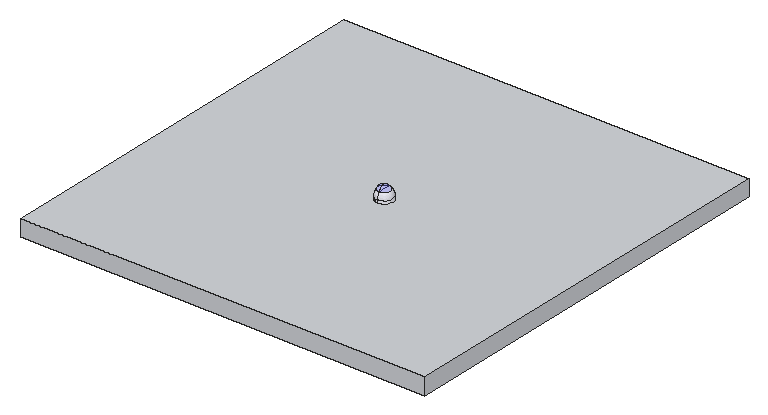
Revit family "BEG-92580", category Dispositifs d'éclairage, Revit 2015
Parameters
  Detection zone [instance] = yes
  Seat area [instance] = height position < 351 cm  # yes
  URL = "http://www.luxomat.com/en-92580"
  Type of output = "SWITCH"
  Ambiant temperature = "-25°C to +50°C"
  Ref = "92580"
  Relay = "10A"
  height position [instance] = 250 cm
  direct Range [instance] = height position * 3.2  # 800 cm
  transversal Range [instance] = height position * 9.6  # 2400 cm
  Modèle = "PD4-M-1C-SM"
  Installation type = "Ceiling"
  Brand = "LUXOMAT"
  Image du type = 92580.jpg
  IP = "20"
  Mounting height max = Installation height max  # 350 cm
  Installation height max = 350 cm
  Fabricant = "B.E.G"
  Label [instance] = yes
  Default Elevation = 0 cm
  Consumption = "0,76W"
  Commentaires du type = "Occupancy detector PD4-M-1C-SM"
  Code d'assemblage = "D5010200"
  Class = "2"
  Switching power LED = "300W"
  Switching power Cos ɸ =1 = "2300W"
  Switching power Cos ɸ =0,5 = "1150VA"
  Power voltage = "110-240 V AC"
  seated activity [instance] = height position * 2.56  # 640 cm
Reference planes (cm)
  plane 1 "Centre (avant/arrière)": y = 0
  plane 2: z = 0
  plane 3 "Centre (gauche/droite)": x = 0
Forms (cm)
  Extrusion 1, solid
    sketch origin (0, 0, 0) x (1, 0, 0) y (0, 1, 0)
      loop
        line (-121.92, 121.92) -> (-121.92, -121.92) -> (121.92, -121.92) -> (121.92, 121.92) -> (-121.92, 121.92)
    from 0 to -10
Dimensions and locks (cm)
  aligned and locked: plane 2 to Extrusion 1
  aligned and locked: level to Extrusion 1
  aligned and locked: nested 2 to plane 2
Nested families (cm)
  nested 1: "Famille1" at (0, -72.6659, 0) x (-1, 0, 0) z (0, 0, 1), reference <- "Ref", modele <- "Modèle", visible <- "Label", type "Famille1"
    with reference "92580", modele "PD4-M-1C-SM"
  nested 2: "M14" at (0, 0, 0), type "Standard"
  nested 3: "zone H" at (0, 0, 0) x (-1, 0, 0) z (0, 0, 1), visible <- "Detection zone", biais <- "transversal Range", frontal <- "direct Range", activité assise <- "seated activity", Zone assise <- "Seat area", type "zone H"
    with position 2 320 cm, position 1 960 cm, frontal 800 cm, biais 2400 cm, activité assise 640 cm, Zone assise yes
  nested 4: "Plafond 360° 2D" at (0, 0, 0), type "Plafond 360° 2D"
Connectors (cm)
  electrical at (0, 0, 0)
    settings: on nested 2, index 1, voltage 240 V, apparent load 0 VA, apparent load phase1 0 VA, apparent load phase2 0 VA, apparent load phase3 0 VA, power factor 1, load classification "Eclairage", number of poles 1, system type 31, power factor state 1, is connector primary yes, connector utility no, sub classification motor no, connector description ""
Definition of nested family "M14"
  Reference planes (cm)
    plane 1 "Centre (avant/arrière)": y = 0
    plane 2: z = 0
    plane 3 "Centre (gauche/droite)": x = 0
    plane 4: x = 0
  Forms (cm)
    Revolve 1, solid
      sketch origin (0, 0, 0) x (0, -1, 0) y (0, 0, 1)
        loop
          line (0, 0) -> (0, 5) -> (-3.8, 5)
          arc (-3.8, 5) -> (-4.577, 3.2225) -> (-4.8363, 1.3) r 7
          line (-4.8363, 1.3) -> (-4.9363, 1.3) -> (-5.05, 0) -> (0, 0)
        axis (0, 0) -> (0, 5)
      angle from 0 to 360
    Revolve 2, solid
      sketch origin (0, 0, 0) x (0, -1, 0) y (0, 0, 1)
        loop
          arc (0, 7.6) -> (-2.2816, 6.8864) -> (-3.75, 5) r 4.0043
          line (-3.75, 5) -> (0, 5) -> (0, 7.6)
        axis (0, 5) -> (0, 7.6)
      angle from 0 to 360
  Lines and regions (cm)
    reference lines
      curve 1: line (0, 0, 0) -> (0, 0, 7.6)
      curve 2: line (0, 0, 5) -> (0, 3.8, 5)
      curve 3: arc (0, 3.8, 5) -> (0, 4.577, 3.2225) -> (0, 4.8363, 1.3) r 7
      curve 4: line (0, 4.9363, 1.3) -> (0, 4.8363, 1.3)
      curve 5: line (0, 5.05, 0) -> (0, 4.9363, 1.3)
      curve 6: line (0, 0, 0) -> (0, 5.05, 0)
      curve 7: arc (0, 0, 7.6) -> (0, 2.2816, 6.8864) -> (0, 3.75, 5) r 4.0043
      curve 8: line (0, 3.75, 5) -> (0, 0, 5)
      curve 9: line (0, 0, 7.6) -> (0, 0, 5)
      curve 10: line (0, 0, 0) -> (0, 0, 7.6)
  Dimensions and locks (cm)
    aligned and locked: level to plane 2
    aligned and locked: Revolve 1 sketch curve to curve 1  (x2)
    aligned and locked: Revolve 1 sketch curve to curve 2
    aligned and locked: Revolve 1 sketch curve to curve 3
    aligned and locked: Revolve 1 sketch curve to curve 4
    aligned and locked: Revolve 1 sketch curve to curve 5
    aligned and locked: Revolve 1 sketch curve to curve 6
    aligned and locked: Revolve 2 sketch curve to curve 7
    aligned and locked: Revolve 2 sketch curve to curve 8
    aligned and locked: Revolve 2 sketch curve to curve 9
    aligned and locked: Revolve 2 sketch curve to curve 10
Definition of nested family "Famille1"
  Parameters (values of type "Famille1")
    reference [instance] = ""
    modele [instance] = ""
  Reference planes (cm)
    plane 1: y = 0
    plane 2: x = 0
  Text (cm)
    label "reference\n\nmodele" at (0.0074, 0.0451, 0), shows "reference", "modele"
Definition of nested family "zone H"
  Parameters (values of type "zone H")
    position 2 [instance] = (frontal / 2) * 0.8  # 320 cm
    position 1 [instance] = (biais / 2) * 0.8  # 960 cm
    frontal [instance] = 800 cm
    biais [instance] = 2400 cm
    activité assise [instance] = 640 cm
    Zone assise [instance] = yes
  Reference planes (cm)
    plane 1 "Centre (avant/arrière)": y = 0
    plane 2: z = 0
    plane 3 "Centre (gauche/droite)": x = 0
    plane 4: x = -960
    plane 5: y = -320
  Lines and regions (cm)
    detail lines, in view "Niveau de réf.", visible <- "Zone assise"
      curve 1: circle (0, 0, 0) r 320 normal (0, 0, 1)
      curve 4: spline (-105.2767, 3.2118, 0) -> (-104.9106, 3.0586, 0) -> (-103.8375, 2.9158, 0) -> (-102.1303, 2.7932, 0) -> (-99.9055, 2.6991, 0) -> (-97.3146, 2.6399, 0) -> (-94.5343, 2.6198, 0) -> (-91.7539, 2.6399, 0) -> (-89.163, 2.6991, 0) -> (-86.9382, 2.7932, 0) -> (-85.231, 2.9158, 0) -> (-84.1579, 3.0586, 0) -> (-83.7918, 3.2118, 0) -> (-84.1579, 3.365, 0) -> (-85.231, 3.5078, 0) -> (-86.9382, 3.6305, 0) -> (-89.163, 3.7245, 0) -> (-91.7539, 3.7837, 0) -> (-94.5343, 3.8039, 0) -> (-97.3146, 3.7837, 0) -> (-99.9055, 3.7245, 0) -> (-102.1303, 3.6305, 0) -> (-103.8375, 3.5078, 0) -> (-104.9106, 3.365, 0) -> (-105.2767, 3.2118, 0)
      curve 5: line (-105.2767, 3.2118, 0) -> (-103.7271, 3.5181, 0)
      curve 6: arc (-102.6495, -16.5888, 0) -> (-107.2915, -17.186, 0) -> (-111.6311, -18.9388, 0) r 18.3388
      curve 7: arc (-111.6311, -18.9388, 0) -> (-111.6982, -19.0046, 0) -> (-111.7229, -19.0953, 0) r 0.1799
      curve 8: arc (-102.4571, -17.1805, 0) -> (-106.7473, -17.5804, 0) -> (-110.8538, -18.8852, 0) r 20.1051
      curve 9: arc (-110.8538, -18.8852, 0) -> (-111.0396, -18.979, 0) -> (-111.2122, -19.0953, 0) r 1.6679
      curve 10: circle (-111.4676, -19.8292, 0) r 0.5096 normal (0, 0, 1)
      curve 11: arc (-110.898, -19.8292, 0) -> (-111.4676, -19.2597, 0) -> (-112.0372, -19.8292, 0) r 0.5696
      curve 12: arc (-110.838, -19.8292, 0) -> (-111.4676, -19.1997, 0) -> (-112.0972, -19.8292, 0) r 0.6296
      curve 13: arc (-86.4191, -16.5888, 0) -> (-81.7771, -17.186, 0) -> (-77.4374, -18.9388, 0) r 18.3388
      curve 14: arc (-77.4374, -18.9388, 0) -> (-77.3704, -19.0046, 0) -> (-77.3456, -19.0953, 0) r 0.1799
      curve 15: arc (-86.6114, -17.1805, 0) -> (-82.3212, -17.5804, 0) -> (-78.2147, -18.8852, 0) r 20.1051
      curve 16: arc (-78.2147, -18.8852, 0) -> (-78.0289, -18.979, 0) -> (-77.8563, -19.0953, 0) r 1.6679
      curve 17: circle (-77.6009, -19.8292, 0) r 0.5096 normal (0, 0, 1)
      curve 18: arc (-77.0314, -19.8292, 0) -> (-77.6009, -19.2597, 0) -> (-78.1705, -19.8292, 0) r 0.5696
      curve 19: arc (-76.9714, -19.8292, 0) -> (-77.6009, -19.1997, 0) -> (-78.2305, -19.8292, 0) r 0.6296
      curve 20: arc (-95.2593, -16.5888, 0) -> (-98.9871, -17.441, 0) -> (-102.5056, -18.9388, 0) r 21.5424
      curve 21: arc (-102.5056, -18.9388, 0) -> (-102.5726, -19.0046, 0) -> (-102.5974, -19.0953, 0) r 0.1799
      curve 22: arc (-95.2593, -17.1805, 0) -> (-98.5536, -17.8061, 0) -> (-101.7283, -18.8852, 0) r 23.9713
      curve 23: arc (-101.7283, -18.8852, 0) -> (-101.911, -18.9772, 0) -> (-102.081, -19.0909, 0) r 1.6679
      curve 24: arc (-95.0229, -17.1805, 0) -> (-98.2689, -17.8294, 0) -> (-101.4063, -18.8852, 0) r 26.0219
      curve 25: arc (-101.4063, -18.8852, 0) -> (-101.592, -18.979, 0) -> (-101.7647, -19.0953, 0) r 1.6679
      curve 26: circle (-102.181, -19.8292, 0) r 0.5096 normal (0, 0, 1)
      curve 27: arc (-101.6114, -19.8292, 0) -> (-102.181, -19.2597, 0) -> (-102.7506, -19.8292, 0) r 0.5696
      curve 28: arc (-101.5514, -19.8292, 0) -> (-102.181, -19.1997, 0) -> (-102.8106, -19.8292, 0) r 0.6296
      curve 29: arc (-93.8092, -16.5888, 0) -> (-90.0814, -17.441, 0) -> (-86.5629, -18.9388, 0) r 21.5424
      curve 30: arc (-86.5629, -18.9388, 0) -> (-86.4959, -19.0046, 0) -> (-86.4711, -19.0953, 0) r 0.1799
      curve 31: arc (-93.8092, -17.1805, 0) -> (-90.5149, -17.8061, 0) -> (-87.3402, -18.8852, 0) r 23.9713
      curve 32: arc (-87.3402, -18.8852, 0) -> (-87.1544, -18.979, 0) -> (-86.9818, -19.0953, 0) r 1.6679
      curve 33: arc (-94.0457, -17.1805, 0) -> (-90.7996, -17.8294, 0) -> (-87.6622, -18.8852, 0) r 26.0219
      curve 34: arc (-87.6622, -18.8852, 0) -> (-87.4765, -18.979, 0) -> (-87.3039, -19.0953, 0) r 1.6679
      curve 35: circle (-86.8875, -19.8292, 0) r 0.5096 normal (0, 0, 1)
      curve 36: arc (-86.3179, -19.8292, 0) -> (-86.8875, -19.2597, 0) -> (-87.4571, -19.8292, 0) r 0.5696
      curve 37: arc (-86.2579, -19.8292, 0) -> (-86.8875, -19.1997, 0) -> (-87.5171, -19.8292, 0) r 0.6296
      curve 38: arc (-103.0079, 8.8705, 0) -> (-101.8776, 5.8173, 0) -> (-98.8653, 4.5819, 0) r 4.0512
      curve 39: arc (-83.7186, 4.2269, 0) -> (-82.9538, 3.7817, 0) -> (-82.7946, 2.9112, 0) r 1.0582
      curve 40: arc (-82.7946, 2.9112, 0) -> (-84.0889, -6.227, 0) -> (-84.0703, -15.4564, 0) r 64.7189
      curve 41: arc (-84.0703, -15.4564, 0) -> (-83.933, -16.0031, 0) -> (-83.4527, -16.2981, 0) r 0.7467
      curve 42: arc (-83.4527, -16.2981, 0) -> (-80.3714, -16.8717, 0) -> (-77.238, -16.9405, 0) r 19.3577
      curve 43: arc (-77.238, -16.9405, 0) -> (-77.6363, -16.4391, 0) -> (-78.2461, -16.244, 0) r 1.1013
      curve 44: arc (-78.2461, -16.244, 0) -> (-80.4274, -15.8096, 0) -> (-82.5587, -15.1742, 0) r 23.8747
      curve 45: arc (-82.5587, -15.1742, 0) -> (-81.6045, -6.5488, 0) -> (-80.848, 2.0961, 0) r 379.1961
      curve 46: arc (-80.848, 2.0961, 0) -> (-81.0708, 4.8418, 0) -> (-83.0581, 6.7494, 0) r 3.8846
      curve 47: arc (-83.0581, 6.7494, 0) -> (-89.2141, 8.8147, 0) -> (-95.6542, 9.6431, 0) r 33.2193
      curve 48: arc (-95.6542, 9.6431, 0) -> (-94.8516, 17.305, 0) -> (-94.8609, 25.0089, 0) r 72.9952
      curve 49: arc (-95.1116, 28.28, 0) -> (-95.2196, 29.2958, 0) -> (-95.3418, 30.31, 0) r 72.9952
      curve 50: arc (-98.1747, 30.0752, 0) -> (-100.3426, 29.2913, 0) -> (-99.4886, 27.1501, 0) r 1.6042
      curve 51: arc (-95.3418, 30.31, 0) -> (-98.7298, 32.2574, 0) -> (-102.1179, 30.31, 0) r 3.9209
      curve 52: arc (-68.8418, 20.3177, 0) -> (-68.8537, 20.2265, 0) -> (-68.9411, 20.2549, 0) r 0.0597
      curve 53: arc (-70.9776, 20.5408, 0) -> (-70.9496, 20.3832, 0) -> (-71.1082, 20.3621, 0) r 0.1108
      curve 54: spline (-98.8908, 41.6409, 0) -> (-97.9793, 41.5103, 0) -> (-97.1229, 41.0855, 0) -> (-96.38, 40.3954, 0) -> (-95.8012, 39.4871, 0) -> (-95.426, 38.4224, 0) -> (-95.2799, 37.274, 0) -> (-95.3728, 36.12, 0) -> (-95.6985, 35.0392, 0) -> (-96.2348, 34.1051, 0) -> (-96.945, 33.3815, 0) -> (-97.7809, 32.9176, 0) -> (-98.6854, 32.7451, 0) -> (-99.5969, 32.8757, 0) -> (-100.4532, 33.3005, 0) -> (-101.1961, 33.9906, 0) -> (-101.7749, 34.8989, 0) -> (-102.1502, 35.9636, 0) -> (-102.2963, 37.112, 0) -> (-102.2033, 38.266, 0) -> (-101.8776, 39.3468, 0) -> (-101.3414, 40.2809, 0) -> (-100.6311, 41.0045, 0) -> (-99.7953, 41.4684, 0) -> (-98.8908, 41.6409, 0)
      curve 55: line (-74.1608, -20.3388, 0) -> (-33.3759, -20.3388, 0)
      curve 56: line (-33.3759, -20.3388, 0) -> (-33.3759, 18.6681, 0)
      curve 57: line (-33.3759, 18.6681, 0) -> (-74.1608, 18.6681, 0)
      curve 58: line (-74.1608, 18.6681, 0) -> (-74.1608, -20.3388, 0)
      curve 59: line (-74.1608, -20.3388, 0) -> (-120.7181, -20.3388, 0)
      curve 60: line (-80.1025, 18.6681, 0) -> (-27.4342, 18.6681, 0)
      curve 61: line (-27.4342, 18.6681, 0) -> (-27.4342, 20.1345, 0)
      curve 62: line (-27.4342, 20.1345, 0) -> (-80.1025, 20.1345, 0)
      curve 63: line (-80.1025, 20.1345, 0) -> (-80.1025, 18.6681, 0)
      curve 64: line (-95.5223, 2.6198, 0) -> (-93.5462, 2.6198, 0)
      curve 65: line (-93.5462, 2.6198, 0) -> (-93.5462, -16.5888, 0)
      curve 66: line (-93.5462, -16.5888, 0) -> (-95.5223, -16.5888, 0)
      curve 67: line (-95.5223, -16.5888, 0) -> (-95.5223, 2.6198, 0)
      curve 68: line (-95.5223, -16.5888, 0) -> (-102.6495, -16.5888, 0)
      curve 69: line (-111.7229, -19.0953, 0) -> (-111.2122, -19.0953, 0)
      curve 70: line (-93.8092, -16.5888, 0) -> (-94.0457, -17.1805, 0)
      curve 71: line (-94.0457, -17.1805, 0) -> (-93.8092, -17.1805, 0)
      curve 72: line (-93.8092, -17.1805, 0) -> (-94.5343, -17.1805, 0)
      curve 73: line (-94.5343, -17.1805, 0) -> (-95.2593, -17.1805, 0)
      curve 74: line (-95.2593, -17.1805, 0) -> (-95.0229, -17.1805, 0)
      curve 75: line (-95.0229, -17.1805, 0) -> (-95.2593, -16.5888, 0)
      curve 76: line (-98.1226, -17.1805, 0) -> (-102.4571, -17.1805, 0)
      curve 77: line (-112.0372, -19.8292, 0) -> (-112.0972, -19.8292, 0)
      curve 78: line (-110.898, -19.8292, 0) -> (-110.838, -19.8292, 0)
      curve 79: line (-111.3676, -19.2076, 0) -> (-111.3676, -19.0953, 0)
      curve 80: line (-111.5676, -19.2076, 0) -> (-111.5676, -19.0953, 0)
      curve 81: line (-93.5462, -16.5888, 0) -> (-86.4191, -16.5888, 0)
      curve 82: line (-77.3456, -19.0953, 0) -> (-77.8563, -19.0953, 0)
      curve 83: line (-90.9459, -17.1805, 0) -> (-86.6114, -17.1805, 0)
      curve 84: line (-77.0314, -19.8292, 0) -> (-76.9714, -19.8292, 0)
      curve 85: line (-78.1705, -19.8292, 0) -> (-78.2305, -19.8292, 0)
      curve 86: line (-77.7009, -19.2076, 0) -> (-77.7009, -19.0953, 0)
      curve 87: line (-77.5009, -19.2076, 0) -> (-77.5009, -19.0953, 0)
      curve 88: line (-102.5974, -19.0953, 0) -> (-101.7647, -19.0953, 0)
      curve 89: line (-102.7506, -19.8292, 0) -> (-102.8106, -19.8292, 0)
      curve 90: line (-101.6114, -19.8292, 0) -> (-101.5514, -19.8292, 0)
      curve 91: line (-102.081, -19.2076, 0) -> (-102.081, -19.0909, 0)
      curve 92: line (-102.281, -19.2076, 0) -> (-102.281, -19.0953, 0)
      curve 93: line (-86.4711, -19.0953, 0) -> (-87.3039, -19.0953, 0)
      curve 94: line (-86.3179, -19.8292, 0) -> (-86.2579, -19.8292, 0)
      curve 95: line (-87.4571, -19.8292, 0) -> (-87.5171, -19.8292, 0)
      curve 96: line (-86.9875, -19.2076, 0) -> (-86.9875, -19.0953, 0)
      curve 97: line (-86.7875, -19.2076, 0) -> (-86.7875, -19.0953, 0)
      curve 98: line (-98.8653, 4.5819, 0) -> (-83.7186, 4.2269, 0)
      curve 99: line (-103.0079, 8.8705, 0) -> (-102.1179, 30.31, 0)
      curve 100: line (-98.1747, 30.0752, 0) -> (-85.3255, 22.5448, 0)
      curve 101: line (-85.3255, 22.5448, 0) -> (-74.2929, 21.667, 0)
      curve 102: line (-74.2929, 21.667, 0) -> (-71.6033, 21.7219, 0)
      curve 103: line (-71.6033, 21.7219, 0) -> (-69.7371, 21.2829, 0)
      curve 104: line (-69.7371, 21.2829, 0) -> (-68.8418, 20.3177, 0)
      curve 105: line (-68.9411, 20.2549, 0) -> (-69.7808, 21.0896, 0)
      curve 106: line (-69.7808, 21.0896, 0) -> (-71.6115, 21.2989, 0)
      curve 107: line (-71.6115, 21.2989, 0) -> (-72.0159, 21.0248, 0)
      curve 108: line (-72.0159, 21.0248, 0) -> (-70.9776, 20.5408, 0)
      curve 109: line (-71.1082, 20.3621, 0) -> (-72.6656, 20.8949, 0)
      curve 110: line (-72.6656, 20.8949, 0) -> (-74.496, 20.6558, 0)
      curve 111: line (-74.496, 20.6558, 0) -> (-86.0144, 20.9158, 0)
      curve 112: line (-86.0144, 20.9158, 0) -> (-99.4886, 27.1501, 0)
      curve 113: line (-99.8644, 32.9741, 0) -> (-99.9944, 32.0479, 0)
      curve 114: line (-97.5142, 33.0301, 0) -> (-97.3718, 32.0147, 0)
      curve 115: line (-33.3759, -20.3388, 0) -> (-21.8014, -20.3388, 0)
    detail lines, in view "Niveau de réf."
      curve 2: circle (0, 0, 0) r 400 normal (0, 0, 1)
      curve 3: circle (0, 0, 0) r 1200 normal (0, 0, 1)
      curve 116: spline (2.3068, -347.7265, 0) -> (4.0856, -347.3949, 0) -> (5.7432, -346.4226, 0) -> (7.1667, -344.876, 0) -> (8.2589, -342.8603, 0) -> (8.9455, -340.5131, 0) -> (9.1797, -337.9942, 0) -> (8.9455, -335.4753, 0) -> (8.2589, -333.1281, 0) -> (7.1667, -331.1125, 0) -> (5.7432, -329.5658, 0) -> (4.0856, -328.5936, 0) -> (2.3068, -328.262, 0) -> (0.5279, -328.5936, 0) -> (-1.1297, -329.5658, 0) -> (-2.5531, -331.1125, 0) -> (-3.6453, -333.1281, 0) -> (-4.3319, -335.4753, 0) -> (-4.5661, -337.9942, 0) -> (-4.3319, -340.5131, 0) -> (-3.6453, -342.8603, 0) -> (-2.5531, -344.876, 0) -> (-1.1297, -346.4226, 0) -> (0.5279, -347.3949, 0) -> (2.3068, -347.7265, 0)
      curve 117: line (-4.7649, -335.0929, 0) -> (0.5136, -347.9212, 0)
      curve 118: line (3.5648, -348.0775, 0) -> (9.2455, -334.5266, 0)
      curve 119: line (-0.3759, -328.4588, 0) -> (-3.0011, -330.8806, 0)
      curve 120: line (3.5053, -348.5045, 0) -> (6.62, -348.3756, 0)
      curve 121: line (1.7304, -348.3525, 0) -> (3.5053, -348.5045, 0)
      curve 122: line (-4.7649, -335.0929, 0) -> (0.5136, -347.9212, 0)
      curve 123: line (-21.1936, -335.3894, 0) -> (-24.4202, -337.3623, 0)
      curve 124: line (-21.1936, -335.3894, 0) -> (-24.4202, -337.3623, 0)
      curve 125: line (-0.3759, -328.4588, 0) -> (-3.0011, -330.8806, 0)
      curve 126: line (1.7304, -348.3525, 0) -> (6.62, -348.3756, 0)
      curve 127: line (3.5648, -348.0775, 0) -> (9.2455, -334.5266, 0)
      curve 128: line (0, -320, 0) -> (0, -289.0788, 0)
      curve 129: line (0, -289.0788, 0) -> (0, -280.7814, 0)
      curve 130: spline (-957.6932, -27.7265, 0) -> (-955.9144, -27.3949, 0) -> (-954.2568, -26.4226, 0) -> (-952.8333, -24.876, 0) -> (-951.7411, -22.8603, 0) -> (-951.0545, -20.5131, 0) -> (-950.8203, -17.9942, 0) -> (-951.0545, -15.4753, 0) -> (-951.7411, -13.1281, 0) -> (-952.8333, -11.1125, 0) -> (-954.2568, -9.5658, 0) -> (-955.9144, -8.5936, 0) -> (-957.6932, -8.262, 0) -> (-959.4721, -8.5936, 0) -> (-961.1297, -9.5658, 0) -> (-962.5531, -11.1125, 0) -> (-963.6453, -13.1281, 0) -> (-964.3319, -15.4753, 0) -> (-964.5661, -17.9942, 0) -> (-964.3319, -20.5131, 0) -> (-963.6453, -22.8603, 0) -> (-962.5531, -24.876, 0) -> (-961.1297, -26.4226, 0) -> (-959.4721, -27.3949, 0) -> (-957.6932, -27.7265, 0)
      curve 131: line (-964.7649, -15.0929, 0) -> (-959.4864, -27.9212, 0)
      curve 132: line (-956.4352, -28.0775, 0) -> (-950.7545, -14.5266, 0)
      curve 133: line (-960.3759, -8.4588, 0) -> (-963.0011, -10.8806, 0)
      curve 134: line (-956.4947, -28.5045, 0) -> (-953.38, -28.3756, 0)
      curve 135: line (-958.2696, -28.3525, 0) -> (-956.4947, -28.5045, 0)
      curve 136: line (-964.7649, -15.0929, 0) -> (-959.4864, -27.9212, 0)
      curve 137: line (-981.1936, -15.3894, 0) -> (-984.4202, -17.3623, 0)
      curve 138: line (-981.1936, -15.3894, 0) -> (-984.4202, -17.3623, 0)
      curve 139: line (-960.3759, -8.4588, 0) -> (-963.0011, -10.8806, 0)
      curve 140: line (-958.2696, -28.3525, 0) -> (-953.38, -28.3756, 0)
      curve 141: line (-956.4352, -28.0775, 0) -> (-950.7545, -14.5266, 0)
      curve 142: line (-960, 0, 0) -> (-960, 30.9212, 0)
      curve 143: line (-960, 30.9212, 0) -> (-960, 39.2186, 0)
    detail lines, in view "Niveau de réf.", visible <- "Zone assise", not visible
      curve 144: spline (925.976, -22.5654, 0) -> (926.342, -22.7186, 0) -> (927.4152, -22.8614, 0) -> (929.1224, -22.984, 0) -> (931.3472, -23.0781, 0) -> (933.938, -23.1373, 0) -> (936.7184, -23.1574, 0) -> (939.4987, -23.1373, 0) -> (942.0896, -23.0781, 0) -> (944.3144, -22.984, 0) -> (946.0216, -22.8614, 0) -> (947.0948, -22.7186, 0) -> (947.4608, -22.5654, 0) -> (947.0948, -22.4122, 0) -> (946.0216, -22.2694, 0) -> (944.3144, -22.1467, 0) -> (942.0896, -22.0527, 0) -> (939.4987, -21.9935, 0) -> (936.7184, -21.9733, 0) -> (933.938, -21.9935, 0) -> (931.3472, -22.0527, 0) -> (929.1224, -22.1467, 0) -> (927.4152, -22.2694, 0) -> (926.342, -22.4122, 0) -> (925.976, -22.5654, 0)
      curve 145: line (925.976, -22.5654, 0) -> (927.5256, -22.2591, 0)
      curve 146: arc (928.6032, -42.366, 0) -> (923.9612, -42.9632, 0) -> (919.6215, -44.716, 0) r 18.3388
      curve 147: arc (919.6215, -44.716, 0) -> (919.5545, -44.7818, 0) -> (919.5297, -44.8725, 0) r 0.1799
      curve 148: arc (928.7956, -42.9577, 0) -> (924.5053, -43.3576, 0) -> (920.3988, -44.6624, 0) r 20.1051
      curve 149: arc (920.3988, -44.6624, 0) -> (920.213, -44.7562, 0) -> (920.0404, -44.8725, 0) r 1.6679
      curve 150: circle (919.7851, -45.6065, 0) r 0.5096 normal (0, 0, 1)
      curve 151: arc (920.3547, -45.6065, 0) -> (919.7851, -45.0369, 0) -> (919.2155, -45.6065, 0) r 0.5696
      curve 152: arc (920.4147, -45.6065, 0) -> (919.7851, -44.9769, 0) -> (919.1555, -45.6065, 0) r 0.6296
      curve 153: arc (944.8336, -42.366, 0) -> (949.4756, -42.9632, 0) -> (953.8152, -44.716, 0) r 18.3388
      curve 154: arc (953.8152, -44.716, 0) -> (953.8823, -44.7818, 0) -> (953.907, -44.8725, 0) r 0.1799
      curve 155: arc (944.6412, -42.9577, 0) -> (948.9315, -43.3576, 0) -> (953.038, -44.6624, 0) r 20.1051
      curve 156: arc (953.038, -44.6624, 0) -> (953.2237, -44.7562, 0) -> (953.3964, -44.8725, 0) r 1.6679
      curve 157: circle (953.6517, -45.6065, 0) r 0.5096 normal (0, 0, 1)
      curve 158: arc (954.2213, -45.6065, 0) -> (953.6517, -45.0369, 0) -> (953.0821, -45.6065, 0) r 0.5696
      curve 159: arc (954.2813, -45.6065, 0) -> (953.6517, -44.9769, 0) -> (953.0221, -45.6065, 0) r 0.6296
      curve 160: arc (935.9933, -42.366, 0) -> (932.2655, -43.2182, 0) -> (928.7471, -44.716, 0) r 21.5424
      curve 161: arc (928.7471, -44.716, 0) -> (928.68, -44.7818, 0) -> (928.6553, -44.8725, 0) r 0.1799
      curve 162: arc (935.9933, -42.9577, 0) -> (932.6991, -43.5833, 0) -> (929.5243, -44.6624, 0) r 23.9713
      curve 163: arc (929.5243, -44.6624, 0) -> (929.3417, -44.7544, 0) -> (929.1716, -44.8681, 0) r 1.6679
      curve 164: arc (936.2298, -42.9577, 0) -> (932.9838, -43.6066, 0) -> (929.8464, -44.6624, 0) r 26.0219
      curve 165: arc (929.8464, -44.6624, 0) -> (929.6606, -44.7562, 0) -> (929.488, -44.8725, 0) r 1.6679
      curve 166: circle (929.0716, -45.6065, 0) r 0.5096 normal (0, 0, 1)
      curve 167: arc (929.6412, -45.6065, 0) -> (929.0716, -45.0369, 0) -> (928.502, -45.6065, 0) r 0.5696
      curve 168: arc (929.7012, -45.6065, 0) -> (929.0716, -44.9769, 0) -> (928.442, -45.6065, 0) r 0.6296
      curve 169: arc (937.4435, -42.366, 0) -> (941.1713, -43.2182, 0) -> (944.6897, -44.716, 0) r 21.5424
      curve 170: arc (944.6897, -44.716, 0) -> (944.7568, -44.7818, 0) -> (944.7815, -44.8725, 0) r 0.1799
      curve 171: arc (937.4435, -42.9577, 0) -> (940.7377, -43.5833, 0) -> (943.9124, -44.6624, 0) r 23.9713
      curve 172: arc (943.9124, -44.6624, 0) -> (944.0982, -44.7562, 0) -> (944.2708, -44.8725, 0) r 1.6679
      curve 173: arc (937.207, -42.9577, 0) -> (940.453, -43.6066, 0) -> (943.5904, -44.6624, 0) r 26.0219
      curve 174: arc (943.5904, -44.6624, 0) -> (943.7762, -44.7562, 0) -> (943.9488, -44.8725, 0) r 1.6679
      curve 175: circle (944.3651, -45.6065, 0) r 0.5096 normal (0, 0, 1)
      curve 176: arc (944.9347, -45.6065, 0) -> (944.3651, -45.0369, 0) -> (943.7956, -45.6065, 0) r 0.5696
      curve 177: arc (944.9947, -45.6065, 0) -> (944.3651, -44.9769, 0) -> (943.7356, -45.6065, 0) r 0.6296
      curve 178: arc (928.2447, -16.9067, 0) -> (929.3751, -19.9599, 0) -> (932.3873, -21.1953, 0) r 4.0512
      curve 179: arc (947.5341, -21.5503, 0) -> (948.2989, -21.9955, 0) -> (948.4581, -22.866, 0) r 1.0582
      curve 180: arc (948.4581, -22.866, 0) -> (947.1637, -32.0042, 0) -> (947.1824, -41.2336, 0) r 64.7189
      curve 181: arc (947.1824, -41.2336, 0) -> (947.3196, -41.7803, 0) -> (947.8, -42.0753, 0) r 0.7467
      curve 182: arc (947.8, -42.0753, 0) -> (950.8812, -42.6489, 0) -> (954.0146, -42.7177, 0) r 19.3577
      curve 183: arc (954.0146, -42.7177, 0) -> (953.6164, -42.2163, 0) -> (953.0065, -42.0212, 0) r 1.1013
      curve 184: arc (953.0065, -42.0212, 0) -> (950.8253, -41.5868, 0) -> (948.6939, -40.9514, 0) r 23.8747
      curve 185: arc (948.6939, -40.9514, 0) -> (949.6481, -32.326, 0) -> (950.4047, -23.6811, 0) r 379.1961
      curve 186: arc (950.4047, -23.6811, 0) -> (950.1819, -20.9354, 0) -> (948.1945, -19.0278, 0) r 3.8846
      curve 187: arc (948.1945, -19.0278, 0) -> (942.0386, -16.9625, 0) -> (935.5985, -16.1341, 0) r 33.2193
      curve 188: arc (935.5985, -16.1341, 0) -> (936.4011, -8.4722, 0) -> (936.3918, -0.7683, 0) r 72.9952
      curve 189: arc (936.1411, 2.5028, 0) -> (936.0331, 3.5186, 0) -> (935.9108, 4.5328, 0) r 72.9952
      curve 190: arc (933.0779, 4.298, 0) -> (930.9101, 3.5141, 0) -> (931.7641, 1.3729, 0) r 1.6042
      curve 191: arc (935.9108, 4.5328, 0) -> (932.5228, 6.4802, 0) -> (929.1348, 4.5328, 0) r 3.9209
      curve 192: arc (962.4108, -5.4595, 0) -> (962.3989, -5.5507, 0) -> (962.3115, -5.5223, 0) r 0.0597
      curve 193: arc (960.275, -5.2364, 0) -> (960.303, -5.394, 0) -> (960.1444, -5.4151, 0) r 0.1108
      curve 194: spline (932.3619, 15.8637, 0) -> (933.2734, 15.7331, 0) -> (934.1297, 15.3083, 0) -> (934.8726, 14.6182, 0) -> (935.4514, 13.7099, 0) -> (935.8267, 12.6452, 0) -> (935.9728, 11.4968, 0) -> (935.8798, 10.3428, 0) -> (935.5541, 9.262, 0) -> (935.0179, 8.3279, 0) -> (934.3076, 7.6043, 0) -> (933.4718, 7.1404, 0) -> (932.5673, 6.9679, 0) -> (931.6558, 7.0985, 0) -> (930.7994, 7.5233, 0) -> (930.0565, 8.2134, 0) -> (929.4777, 9.1217, 0) -> (929.1025, 10.1864, 0) -> (928.9564, 11.3348, 0) -> (929.0493, 12.4888, 0) -> (929.375, 13.5696, 0) -> (929.9113, 14.5037, 0) -> (930.6215, 15.2273, 0) -> (931.4574, 15.6912, 0) -> (932.3619, 15.8637, 0)
      curve 195: line (957.0918, -46.116, 0) -> (997.8768, -46.116, 0)
      curve 196: line (997.8768, -46.116, 0) -> (997.8768, -7.1091, 0)
      curve 197: line (997.8768, -7.1091, 0) -> (957.0918, -7.1091, 0)
      curve 198: line (957.0918, -7.1091, 0) -> (957.0918, -46.116, 0)
      curve 199: line (957.0918, -46.116, 0) -> (910.5345, -46.116, 0)
      curve 200: line (951.1501, -7.1091, 0) -> (1003.8185, -7.1091, 0)
      curve 201: line (1003.8185, -7.1091, 0) -> (1003.8185, -5.6427, 0)
      curve 202: line (1003.8185, -5.6427, 0) -> (951.1501, -5.6427, 0)
      curve 203: line (951.1501, -5.6427, 0) -> (951.1501, -7.1091, 0)
      curve 204: line (935.7304, -23.1574, 0) -> (937.7064, -23.1574, 0)
      curve 205: line (937.7064, -23.1574, 0) -> (937.7064, -42.366, 0)
      curve 206: line (937.7064, -42.366, 0) -> (935.7304, -42.366, 0)
      curve 207: line (935.7304, -42.366, 0) -> (935.7304, -23.1574, 0)
      curve 208: line (935.7304, -42.366, 0) -> (928.6032, -42.366, 0)
      curve 209: line (919.5297, -44.8725, 0) -> (920.0404, -44.8725, 0)
      curve 210: line (937.4435, -42.366, 0) -> (937.207, -42.9577, 0)
      curve 211: line (937.207, -42.9577, 0) -> (937.4435, -42.9577, 0)
      curve 212: line (937.4435, -42.9577, 0) -> (936.7184, -42.9577, 0)
      curve 213: line (936.7184, -42.9577, 0) -> (935.9933, -42.9577, 0)
      curve 214: line (935.9933, -42.9577, 0) -> (936.2298, -42.9577, 0)
      curve 215: line (936.2298, -42.9577, 0) -> (935.9933, -42.366, 0)
      curve 216: line (933.13, -42.9577, 0) -> (928.7956, -42.9577, 0)
      curve 217: line (919.2155, -45.6065, 0) -> (919.1555, -45.6065, 0)
      curve 218: line (920.3547, -45.6065, 0) -> (920.4147, -45.6065, 0)
      curve 219: line (919.8851, -44.9848, 0) -> (919.8851, -44.8725, 0)
      curve 220: line (919.6851, -44.9848, 0) -> (919.6851, -44.8725, 0)
      curve 221: line (937.7064, -42.366, 0) -> (944.8336, -42.366, 0)
      curve 222: line (953.907, -44.8725, 0) -> (953.3964, -44.8725, 0)
      curve 223: line (940.3068, -42.9577, 0) -> (944.6412, -42.9577, 0)
      curve 224: line (954.2213, -45.6065, 0) -> (954.2813, -45.6065, 0)
      curve 225: line (953.0821, -45.6065, 0) -> (953.0221, -45.6065, 0)
      curve 226: line (953.5517, -44.9848, 0) -> (953.5517, -44.8725, 0)
      curve 227: line (953.7517, -44.9848, 0) -> (953.7517, -44.8725, 0)
      curve 228: line (928.6553, -44.8725, 0) -> (929.488, -44.8725, 0)
      curve 229: line (928.502, -45.6065, 0) -> (928.442, -45.6065, 0)
      curve 230: line (929.6412, -45.6065, 0) -> (929.7012, -45.6065, 0)
      curve 231: line (929.1716, -44.9848, 0) -> (929.1716, -44.8681, 0)
      curve 232: line (928.9716, -44.9848, 0) -> (928.9716, -44.8725, 0)
      curve 233: line (944.7815, -44.8725, 0) -> (943.9488, -44.8725, 0)
      curve 234: line (944.9347, -45.6065, 0) -> (944.9947, -45.6065, 0)
      curve 235: line (943.7956, -45.6065, 0) -> (943.7356, -45.6065, 0)
      curve 236: line (944.2651, -44.9848, 0) -> (944.2651, -44.8725, 0)
      curve 237: line (944.4651, -44.9848, 0) -> (944.4651, -44.8725, 0)
      curve 238: line (932.3873, -21.1953, 0) -> (947.5341, -21.5503, 0)
      curve 239: line (928.2447, -16.9067, 0) -> (929.1348, 4.5328, 0)
      curve 240: line (933.0779, 4.298, 0) -> (945.9271, -3.2324, 0)
      curve 241: line (945.9271, -3.2324, 0) -> (956.9598, -4.1102, 0)
      curve 242: line (956.9598, -4.1102, 0) -> (959.6493, -4.0553, 0)
      curve 243: line (959.6493, -4.0553, 0) -> (961.5155, -4.4943, 0)
      curve 244: line (961.5155, -4.4943, 0) -> (962.4108, -5.4595, 0)
      curve 245: line (962.3115, -5.5223, 0) -> (961.4719, -4.6876, 0)
      curve 246: line (961.4719, -4.6876, 0) -> (959.6412, -4.4783, 0)
      curve 247: line (959.6412, -4.4783, 0) -> (959.2367, -4.7524, 0)
      curve 248: line (959.2367, -4.7524, 0) -> (960.275, -5.2364, 0)
      curve 249: line (960.1444, -5.4151, 0) -> (958.5871, -4.8823, 0)
      curve 250: line (958.5871, -4.8823, 0) -> (956.7566, -5.1214, 0)
      curve 251: line (956.7566, -5.1214, 0) -> (945.2383, -4.8614, 0)
      curve 252: line (945.2383, -4.8614, 0) -> (931.7641, 1.3729, 0)
      curve 253: line (931.3882, 7.1969, 0) -> (931.2583, 6.2707, 0)
      curve 254: line (933.7384, 7.2529, 0) -> (933.8809, 6.2375, 0)
      curve 255: line (997.8768, -46.116, 0) -> (1009.4512, -46.116, 0)
    detail lines, in view "Niveau de réf.", not visible
      curve 256: spline (630.3724, -48.277, 0) -> (632.1512, -47.9453, 0) -> (633.8088, -46.9731, 0) -> (635.2323, -45.4264, 0) -> (636.3245, -43.4108, 0) -> (637.0111, -41.0636, 0) -> (637.2453, -38.5447, 0) -> (637.0111, -36.0258, 0) -> (636.3245, -33.6786, 0) -> (635.2323, -31.663, 0) -> (633.8088, -30.1163, 0) -> (632.1512, -29.1441, 0) -> (630.3724, -28.8124, 0) -> (628.5935, -29.1441, 0) -> (626.9359, -30.1163, 0) -> (625.5125, -31.663, 0) -> (624.4202, -33.6786, 0) -> (623.7336, -36.0258, 0) -> (623.4995, -38.5447, 0) -> (623.7336, -41.0636, 0) -> (624.4202, -43.4108, 0) -> (625.5125, -45.4264, 0) -> (626.9359, -46.9731, 0) -> (628.5935, -47.9453, 0) -> (630.3724, -48.277, 0)
      curve 257: line (623.3007, -35.6434, 0) -> (628.5792, -48.4717, 0)
      curve 258: line (631.6303, -48.628, 0) -> (637.311, -35.0771, 0)
      curve 259: line (627.6897, -29.0093, 0) -> (625.0645, -31.4311, 0)
      curve 260: line (631.5709, -49.055, 0) -> (634.6856, -48.9261, 0)
      curve 261: line (629.7959, -48.903, 0) -> (631.5709, -49.055, 0)
      curve 262: line (623.3007, -35.6434, 0) -> (628.5792, -48.4717, 0)
      curve 263: line (606.872, -35.9399, 0) -> (603.6454, -37.9127, 0)
      curve 264: line (606.872, -35.9399, 0) -> (603.6454, -37.9127, 0)
      curve 265: line (627.6897, -29.0093, 0) -> (625.0645, -31.4311, 0)
      curve 266: line (629.7959, -48.903, 0) -> (634.6856, -48.9261, 0)
      curve 267: line (631.6303, -48.628, 0) -> (637.311, -35.0771, 0)
      curve 268: line (628.0656, -20.5505, 0) -> (628.0656, 10.3707, 0)
      curve 269: line (628.0656, 10.3707, 0) -> (628.0656, 18.6681, 0)
      curve 270: spline (1030.3724, -260.777, 0) -> (1032.1512, -260.4453, 0) -> (1033.8088, -259.4731, 0) -> (1035.2323, -257.9264, 0) -> (1036.3245, -255.9108, 0) -> (1037.0111, -253.5636, 0) -> (1037.2453, -251.0447, 0) -> (1037.0111, -248.5258, 0) -> (1036.3245, -246.1786, 0) -> (1035.2323, -244.163, 0) -> (1033.8088, -242.6163, 0) -> (1032.1512, -241.6441, 0) -> (1030.3724, -241.3124, 0) -> (1028.5935, -241.6441, 0) -> (1026.9359, -242.6163, 0) -> (1025.5125, -244.163, 0) -> (1024.4202, -246.1786, 0) -> (1023.7336, -248.5258, 0) -> (1023.4995, -251.0447, 0) -> (1023.7336, -253.5636, 0) -> (1024.4202, -255.9108, 0) -> (1025.5125, -257.9264, 0) -> (1026.9359, -259.4731, 0) -> (1028.5935, -260.4453, 0) -> (1030.3724, -260.777, 0)
      curve 271: line (1023.3007, -248.1434, 0) -> (1028.5792, -260.9717, 0)
      curve 272: line (1031.6303, -261.128, 0) -> (1037.311, -247.5771, 0)
      curve 273: line (1027.6897, -241.5093, 0) -> (1025.0645, -243.9311, 0)
      curve 274: line (1031.5709, -261.555, 0) -> (1034.6856, -261.4261, 0)
      curve 275: line (1029.7959, -261.403, 0) -> (1031.5709, -261.555, 0)
      curve 276: line (1023.3007, -248.1434, 0) -> (1028.5792, -260.9717, 0)
      curve 277: line (1006.872, -248.4399, 0) -> (1003.6454, -250.4127, 0)
      curve 278: line (1006.872, -248.4399, 0) -> (1003.6454, -250.4127, 0)
      curve 279: line (1027.6897, -241.5093, 0) -> (1025.0645, -243.9311, 0)
      curve 280: line (1029.7959, -261.403, 0) -> (1034.6856, -261.4261, 0)
      curve 281: line (1031.6303, -261.128, 0) -> (1037.311, -247.5771, 0)
      curve 282: line (1028.0656, -233.0505, 0) -> (1028.0656, -202.1293, 0)
      curve 283: line (1028.0656, -202.1293, 0) -> (1028.0656, -193.8319, 0)
  Text (cm)
    text "2" at (0.4332, -361.3743, 0), in view "Niveau de réf."
    text "1" at (-959.5668, -41.3743, 0), in view "Niveau de réf."
    text "1" at (628.4988, -61.9248, 0), in view "Niveau de réf.", not visible
    text "2" at (1028.4988, -274.4248, 0), in view "Niveau de réf.", not visible
  Dimensions and locks (cm)
    "position 1": plane 4 to plane 3 "Centre (gauche/droite)"
    "position 2": plane 5 to plane 1 "Centre (avant/arrière)"
    "activité assise": diameter of curve 1
    "biais": diameter of curve 3
    "frontal": diameter of curve 2
    aligned and locked: curve 142 to plane 1 "Centre (avant/arrière)"
    aligned and locked: curve 128 to plane 3 "Centre (gauche/droite)"
    aligned and locked: plane 4 to curve 142
    aligned and locked: plane 5 to curve 128
  Automatic sketch dimensions
    curve 1 to curve 2 = 0 cm  (x2)
    curve 1 to curve 3 = 0 cm  (x2)
    curve 2 to curve 3 = 0 cm  (x2)
    plane 1 "Centre (avant/arrière)" to curve 2 = 0 cm
    curve 2 to plane 3 "Centre (gauche/droite)" = 0 cm
Definition of nested family "Plafond 360° 2D"
  Reference planes (cm)
    plane 1: y = 0
    plane 2: x = 0
  Lines and regions (cm)
    Filled region 1, type "rouge"
      outline origin (0, 0, 0) x (1, 0, 0) y (0, 1, 0)
        loop
          circle (0, 0) r 0.0294
    detail lines
      curve 1: arc (-0.1732, 0.1, 0) -> (-0.2, 0, 0) -> (-0.1732, -0.1, 0) r 0.2
      curve 2: arc (-0.1, -0.1732, 0) -> (0, -0.2, 0) -> (0.1, -0.1732, 0) r 0.2
      curve 3: arc (0.1732, -0.1, 0) -> (0.2, 0, 0) -> (0.1732, 0.1, 0) r 0.2
      curve 4: arc (0.1, 0.1732, 0) -> (0, 0.2, 0) -> (-0.1, 0.1732, 0) r 0.2
      curve 5: arc (-0.1375, 0.0794, 0) -> (-0.1588, 0, 0) -> (-0.1375, -0.0794, 0) r 0.1588
      curve 6: arc (-0.0794, -0.1375, 0) -> (0, -0.1588, 0) -> (0.0794, -0.1375, 0) r 0.1588
      curve 7: arc (0.1375, -0.0794, 0) -> (0.1588, 0, 0) -> (0.1375, 0.0794, 0) r 0.1588
      curve 8: arc (0.0794, 0.1375, 0) -> (0, 0.1588, 0) -> (-0.0794, 0.1375, 0) r 0.1588
      curve 9: arc (-0.1019, 0.0588, 0) -> (-0.1176, 0, 0) -> (-0.1019, -0.0588, 0) r 0.1176
      curve 10: arc (-0.0588, -0.1019, 0) -> (0, -0.1176, 0) -> (0.0588, -0.1019, 0) r 0.1176
      curve 11: arc (0.1019, -0.0588, 0) -> (0.1176, 0, 0) -> (0.1019, 0.0588, 0) r 0.1176
      curve 12: arc (0.0588, 0.1019, 0) -> (0, 0.1176, 0) -> (-0.0588, 0.1019, 0) r 0.1176
      curve 13: arc (-0.0294, 0, 0) -> (0, -0.0294, 0) -> (0.0294, 0, 0) r 0.0294
      curve 14: arc (0.0294, 0, 0) -> (0, 0.0294, 0) -> (-0.0294, 0, 0) r 0.0294
